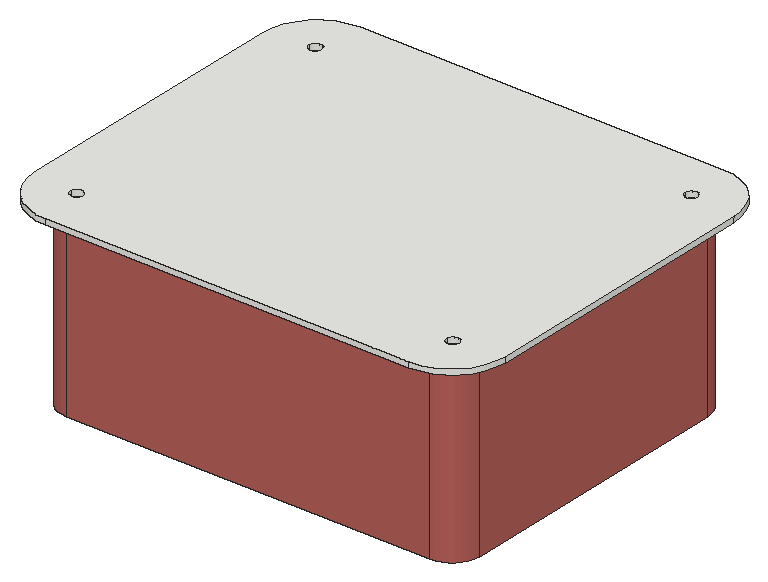
Revit family "Building-ContenitoriIncasso-GEWISS-48PT-CASSETTE-DERIVAZIONE_INCASSO", category Apparecchi elettrici, host Superficie, Revit 2016
Family settings
  Host = Superficie
  Mantenere orientamento annotazione = No
  Tipo di parte = Normale
  Quota connettore circolare = Usa diametro
  Numero OmniClass = 23.80.30.14.24
  Titolo OmniClass = Junction Boxes
  Taglio con vuoti quando caricato = No
  Condiviso = No
  Punto di calcolo locali = Sì
Parameters (values of type "GW48005 - CASSETTA DERIVAZIONE INCASSO 160X130X70")
  Voltaggio = 0 V
  Versione file RFA = "18.0"
  VISTA DI PIANTA [instance] = yes
  URL = "https://www.gewiss.com/it/it"
  Tipo Materiale = "Halogen free secondo norma EN 60754-2"
  Termopressione con biglia = "70 °C"
  Temperatura di impiego = "-15 +60 °C"
  Scheda Tecnica = "https://www.gewiss.com/it/it/search?q=GW48005"
  SIMBOLO [instance] = yes
  SEO = "Cassetta"
  Resistenza agli urti = "IK07"
  Produttore = "GEWISS S.p.A."
  Predisposizione scomparti = "1"
  Per Pareti = "Muratura"
  Modello = "GW48005"
  Installazione = "Incasso"
  Immagine tipo = gw48001.jpg
  Tappo = GEWISS - BIANCO RAL 9016
  Scatola = ROSSO RAL 3000
  IDT = "5db139ba-2d0a-47a6-a6ef-19bd08ad663c"
  IDF = "b1c4c15e-bfed-456a-93ff-6754771a6aad"
  Grado di protezione = "IP40"
  Glow Wire Test = "650°C"
  GEWISS SCHEDA TECNICA = "http://pro.gewiss.com/irj/portal/?NavigationTarget=pcd:portal_content/com.gewiss.ZPPFDMain/com.gewiss.ZPPFDITMain/com.gewiss.ZPPFDITMainDefault/com.gewiss.ZPPFDITPages/com.gewiss.ZPPFDITPagesAP/com.gewiss.ZPPFDITPagesAPCatalogo/com.gewiss.ZPPPDITAPProductDetail&codProd=GW48005"
  Default Elevation = 1219.2 mm
  Profondità = 70 mm
  Lunghezza = 160 mm
  Larghezza = 130 mm
  Distanza orizzontale del simbolo [instance] = 329.446 mm
  Distanza dal muro [instance] = 4.208 mm
  Dim. esterne BxHxP (mm) = "160x130x70"
  Descrizione = "CASSETTA DERIVAZIONE INCASSO 160X130X70"
  Creato da GEWISS S.p.A. = ""
  Colore coperchio = "Bianco RAL 9016"
  Codice Electrocod = "0220"
  Codice EAN = "8011564016422"
  Classificazione = Other
  Catalogo Serie = "48 PT"
  Catalogo = "BUILDING"
  Carico apparente = 0 VA
  CORNICE SIMBOLO [instance] = yes
  COBie.Tagnumber = ""
  COBie.CreatedOn = ""
  COBie.CreatebBy = ""
  COBie.ComponentRegisterItemID = ""
  COBie.Component.TagNumber = ""
  COBie.Component.Space = ""
  COBie.Component.SerialNumber = ""
  COBie.Component.InstallationDate = ""
  COBie.Component.Description = ""
  COBie.Component.BarCode = ""
  Bordo = 4 mm
Types (5, lengths in mm): name | Scheda Tecnica | Modello | IDT | GEWISS SCHEDA TECNICA | Profondità | Lunghezza | Larghezza | Dim. esterne BxHxP (mm) | Descrizione | Codice EAN
  GW48001 - CASSETTA DERIVAZIONE INCASSO 92X92X45 | "https://www.gewiss.com/it/it/search?q=GW48001" | "GW48001" | "5a06cdcc-e3bf-45dc-bed8-f625ed1c20df" | "http://pro.gewiss.com/irj/portal/?NavigationTarget=pcd:portal_content/com.gewiss.ZPPFDMain/com.gewiss.ZPPFDITMain/com.gewiss.ZPPFDITMainDefault/com.gewiss.ZPPFDITPages/com.gewiss.ZPPFDITPagesAP/com.gewiss.ZPPFDITPagesAPCatalogo/com.gewiss.ZPPPDITAPProductDetail&codProd=GW48001" | 45 | 92 | 92 | "92x92x45" | "CASSETTA DERIVAZIONE INCASSO 92X92X45" | "8011564016385"
  GW48002 - CASSETTA DERIVAZIONE INCASSO 118X96X50 | "https://www.gewiss.com/it/it/search?q=GW48002" | "GW48002" | "de690289-d37d-4a41-a99d-f4e485978f89" | "http://pro.gewiss.com/irj/portal/?NavigationTarget=pcd:portal_content/com.gewiss.ZPPFDMain/com.gewiss.ZPPFDITMain/com.gewiss.ZPPFDITMainDefault/com.gewiss.ZPPFDITPages/com.gewiss.ZPPFDITPagesAP/com.gewiss.ZPPFDITPagesAPCatalogo/com.gewiss.ZPPPDITAPProductDetail&codProd=GW48002" | 50 | 118 | 96 | "118x96x50" | "CASSETTA DERIVAZIONE INCASSO 118X96X50" | "8011564016392"
  GW48003 - CASSETTA DERIVAZIONE INCASSO 118X96X70 | "https://www.gewiss.com/it/it/search?q=GW48003" | "GW48003" | "cfc061ea-fc08-4341-8ad6-c24246c1af86" | "http://pro.gewiss.com/irj/portal/?NavigationTarget=pcd:portal_content/com.gewiss.ZPPFDMain/com.gewiss.ZPPFDITMain/com.gewiss.ZPPFDITMainDefault/com.gewiss.ZPPFDITPages/com.gewiss.ZPPFDITPagesAP/com.gewiss.ZPPFDITPagesAPCatalogo/com.gewiss.ZPPPDITAPProductDetail&codProd=GW48003" | 70 | 118 | 96 | "118x96x70" | "CASSETTA DERIVAZIONE INCASSO 118X96X70" | "8011564016408"
  GW48004 - CASSETTA DERIVAZIONE INCASSO 152X98X70 | "https://www.gewiss.com/it/it/search?q=GW48004" | "GW48004" | "8040a3c4-1d49-4fed-a40d-69a247de72a1" | "http://pro.gewiss.com/irj/portal/?NavigationTarget=pcd:portal_content/com.gewiss.ZPPFDMain/com.gewiss.ZPPFDITMain/com.gewiss.ZPPFDITMainDefault/com.gewiss.ZPPFDITPages/com.gewiss.ZPPFDITPagesAP/com.gewiss.ZPPFDITPagesAPCatalogo/com.gewiss.ZPPPDITAPProductDetail&codProd=GW48004" | 70 | 152 | 98 | "152x98x70" | "CASSETTA DERIVAZIONE INCASSO 152X98X70" | "8011564016415"
  GW48005 - CASSETTA DERIVAZIONE INCASSO 160X130X70 | "https://www.gewiss.com/it/it/search?q=GW48005" | "GW48005" | "5db139ba-2d0a-47a6-a6ef-19bd08ad663c" | "http://pro.gewiss.com/irj/portal/?NavigationTarget=pcd:portal_content/com.gewiss.ZPPFDMain/com.gewiss.ZPPFDITMain/com.gewiss.ZPPFDITMainDefault/com.gewiss.ZPPFDITPages/com.gewiss.ZPPFDITPagesAP/com.gewiss.ZPPFDITPagesAPCatalogo/com.gewiss.ZPPPDITAPProductDetail&codProd=GW48005" | 70 | 160 | 130 | "160x130x70" | "CASSETTA DERIVAZIONE INCASSO 160X130X70" | "8011564016422"
Reference planes
  plane 1 "Centro (Fronte/Retro)": y = 0
  plane 2: z = 0
  plane 3 "Centro (Sinistra/Destra)": x = 0
  plane 4: x = -80
  plane 5: y = -65
  plane 6: x = 80
  plane 7: y = 65
  plane 8: y = 62.823
  plane 9: x = 77.823
  plane 10: y = -62.823
  plane 11: x = -77.823
  plane 12: z = -70
  plane 13: y = 57
  plane 14: y = -57
  plane 15: x = -71.947
  plane 16: x = 71.947
  plane 17: x = -90
  plane 18: y = -75
  plane 19: x = 90
  plane 20: y = 75
  plane 21: z = 2
  plane 22: x = -329.446
Forms (mm)
  Extrusion 1, void
    sketch origin (0, 0, 0) x (1, 0, 0) y (0, 1, 0)
      loop
        line (-80, 54.5) -> (-80, -54.5)
        arc (-80, -54.5) -> (-76.925, -61.925) -> (-69.5, -65) r 10.5
        line (-69.5, -65) -> (69.5, -65)
        arc (69.5, -65) -> (76.925, -61.925) -> (80, -54.5) r 10.5
        line (80, -54.5) -> (80, 54.5)
        arc (80, 54.5) -> (76.925, 61.925) -> (69.5, 65) r 10.5
        line (69.5, 65) -> (-69.5, 65)
        arc (-69.5, 65) -> (-76.925, 61.925) -> (-80, 54.5) r 10.5
    from -70 to 0
  Extrusion 2, solid, material "ROSSO RAL 3000" <- "Scatola"
    sketch origin (0, 0, 0) x (1, 0, 0) y (0, 1, 0)
      loop
        arc (-69.5, 65) -> (-76.925, 61.925) -> (-80, 54.5) r 10.5
        line (-80, 54.5) -> (-80, -54.5)
        arc (-80, -54.5) -> (-76.925, -61.925) -> (-69.5, -65) r 10.5
        line (-69.5, -65) -> (69.5, -65)
        arc (69.5, -65) -> (76.925, -61.925) -> (80, -54.5) r 10.5
        line (80, -54.5) -> (80, 54.5)
        arc (80, 54.5) -> (76.925, 61.925) -> (69.5, 65) r 10.5
        line (69.5, 65) -> (-69.5, 65)
      loop
        arc (-69.5, 62.823) -> (-75.386, 60.386) -> (-77.823, 54.5) r 8.323
        line (-77.823, 54.5) -> (-77.823, -54.5)
        arc (-77.823, -54.5) -> (-75.386, -60.386) -> (-69.5, -62.823) r 8.323
        line (-69.5, -62.823) -> (69.5, -62.823)
        arc (69.5, -62.823) -> (75.386, -60.386) -> (77.823, -54.5) r 8.323
        line (77.823, -54.5) -> (77.823, 54.5)
        arc (77.823, 54.5) -> (75.386, 60.386) -> (69.5, 62.823) r 8.323
        line (69.5, 62.823) -> (-69.5, 62.823)
    from -70 to 0
  Extrusion 3, solid
    sketch origin (0, 0, 0) x (1, 0, 0) y (0, 1, 0)
      loop
        line (-77.823, 51.384) -> (-74.592, 51.384)
        arc (-74.592, 51.384) -> (-69.664, 54.157) -> (-66.596, 58.907) r 11.782
        line (-66.596, 58.907) -> (-66.596, 62.823) -> (-69.5, 62.823)
        arc (-69.5, 62.823) -> (-75.386, 60.386) -> (-77.823, 54.5) r 8.323
        line (-77.823, 54.5) -> (-77.823, 51.384)
      loop
        line (77.823, 51.384) -> (77.823, 54.5)
        arc (77.823, 54.5) -> (75.386, 60.386) -> (69.5, 62.823) r 8.323
        line (69.5, 62.823) -> (66.596, 62.823) -> (66.596, 58.907)
        arc (66.596, 58.907) -> (69.664, 54.157) -> (74.592, 51.384) r 11.782
        line (74.592, 51.384) -> (77.823, 51.384)
      loop
        line (-77.823, -51.384) -> (-77.823, -54.5)
        arc (-77.823, -54.5) -> (-75.386, -60.386) -> (-69.5, -62.823) r 8.323
        line (-69.5, -62.823) -> (-66.596, -62.823) -> (-66.596, -58.907)
        arc (-66.596, -58.907) -> (-69.664, -54.157) -> (-74.592, -51.384) r 11.782
        line (-74.592, -51.384) -> (-77.823, -51.384)
      loop
        line (77.823, -51.384) -> (74.592, -51.384)
        arc (74.592, -51.384) -> (69.664, -54.157) -> (66.596, -58.907) r 11.782
        line (66.596, -58.907) -> (66.596, -62.823) -> (69.5, -62.823)
        arc (69.5, -62.823) -> (75.386, -60.386) -> (77.823, -54.5) r 8.323
        line (77.823, -54.5) -> (77.823, -51.384)
    from -2.208 to 0
  Extrusion 4, void
    sketch origin (0, 0, 0) x (1, 0, 0) y (0, 1, 0)
      loop
        circle (-71.947, 57) r 2.408
      loop
        circle (71.947, 57) r 2.408
      loop
        circle (-71.947, -57) r 2.408
      loop
        circle (71.947, -57) r 2.408
    from -2.208 to 2
  Extrusion 5, solid, material "GEWISS - BIANCO RAL 9016" <- "Tappo"
    sketch origin (0, 0, 0) x (1, 0, 0) y (0, 1, 0)
      loop
        arc (-69.5, 75) -> (-83.996, 68.996) -> (-90, 54.5) r 20.5
        line (-90, 54.5) -> (-90, -54.5)
        arc (-90, -54.5) -> (-83.996, -68.996) -> (-69.5, -75) r 20.5
        line (-69.5, -75) -> (69.5, -75)
        arc (69.5, -75) -> (83.996, -68.996) -> (90, -54.5) r 20.5
        line (90, -54.5) -> (90, 54.5)
        arc (90, 54.5) -> (83.996, 68.996) -> (69.5, 75) r 20.5
        line (69.5, 75) -> (-69.5, 75)
    from 0 to 2
Cuts and joins
  Extrusion 4 cuts Extrusion 5
Lines and regions (mm)
  Masking region 1, visible <- "VISTA DI PIANTA"
    outline origin (0, 0, 0) x (1, 0, 0) y (0, 0, 1)
      loop
        line (-80, -70) -> (80, -70) -> (80, 0) -> (-80, 0) -> (-80, -70)
  Masking region 2, visible <- "VISTA DI PIANTA"
    outline origin (0, 0, 0) x (1, 0, 0) y (0, 0, 1)
      loop
        line (-90, 0) -> (90, 0) -> (90, 2) -> (-90, 2) -> (-90, 0)
  Masking region 3
    outline origin (0, 0, 0) x (0, 1, 0) y (0, 0, 1)
      loop
        line (-65, -70) -> (65, -70) -> (65, 0) -> (-65, 0) -> (-65, -70)
  Masking region 4
    outline origin (0, 0, 0) x (0, 1, 0) y (0, 0, 1)
      loop
        line (-75, 0) -> (75, 0) -> (75, 2) -> (-75, 2) -> (-75, 0)
  model lines
    curve 1: line (69.5, 65, 0) -> (-69.5, 65, 0)
    curve 2: arc (-69.5, 65, 0) -> (-76.925, 61.925, 0) -> (-80, 54.5, 0) r 10.5
    curve 3: line (-80, 54.5, 0) -> (-80, -54.5, 0)
    curve 4: arc (-80, -54.5, 0) -> (-76.925, -61.925, 0) -> (-69.5, -65, 0) r 10.5
    curve 5: line (-69.5, -65, 0) -> (69.5, -65, 0)
    curve 6: arc (69.5, -65, 0) -> (76.925, -61.925, 0) -> (80, -54.5, 0) r 10.5
    curve 7: line (80, -54.5, 0) -> (80, 54.5, 0)
    curve 8: arc (80, 54.5, 0) -> (76.925, 61.925, 0) -> (69.5, 65, 0) r 10.5
Dimensions and locks
  equal spacing: plane 7, plane 1 "Centro (Fronte/Retro)", plane 5
  equal spacing: plane 4, plane 3 "Centro (Sinistra/Destra)", plane 6
  "Lunghezza": plane 4 to plane 6
  "Larghezza": plane 7 to plane 5
  plane 4 to plane 11 = 2.177 mm  (x2)
  plane 9 to plane 6 = 2.177 mm  (x2)
  plane 10 to plane 5 = 2.177 mm
  plane 7 to plane 8 = 2.177 mm
  "Profondità": plane 2 to plane 12
  locked: plane 11 to plane 15 at 5.876
  locked: plane 7 to plane 13 at 8
  locked: plane 14 to plane 5 at 8
  locked: plane 16 to plane 6 at 8.053
  locked: plane 2 to Extrusion 3 at 2.208
  locked: plane 20 to plane 7 at 10
  locked: plane 17 to plane 4 at 10
  locked: plane 5 to plane 18 at 10
  locked: plane 6 to plane 19 at 10
  plane 21 to plane 2 = 2 mm
  "Distanza orizzontale del simbolo": plane 22 to plane 3 "Centro (Sinistra/Destra)"
  aligned and locked: plane 2 to host face
  aligned and locked: level to host face
  aligned and locked: Extrusion 1 sketch curve to plane 4
  aligned and locked: Extrusion 1 sketch curve to plane 7
  aligned and locked: Extrusion 1 sketch curve to plane 6
  aligned and locked: Extrusion 1 sketch curve to plane 5
  aligned and locked: Extrusion 1 to plane 12
  aligned and locked: plane 2 to Extrusion 1
  aligned and locked: Extrusion 2 sketch curve to plane 4
  aligned and locked: Extrusion 2 sketch curve to plane 11
  aligned and locked: Extrusion 2 sketch curve to plane 10
  aligned and locked: Extrusion 2 sketch curve to plane 5
  aligned and locked: Extrusion 2 sketch curve to plane 6
  aligned and locked: Extrusion 2 sketch curve to plane 9
  aligned and locked: Extrusion 2 sketch curve to plane 8
  aligned and locked: Extrusion 2 sketch curve to plane 7
  aligned and locked: Extrusion 2 to plane 12
  aligned and locked: plane 2 to Extrusion 2
  aligned and locked: plane 11 to Extrusion 3 sketch curve
  aligned and locked: Extrusion 3 sketch curve to plane 8
  aligned and locked: Extrusion 3 sketch curve to plane 10
  aligned and locked: plane 10 to Extrusion 3 sketch curve
  aligned and locked: Extrusion 3 sketch curve to plane 9
  aligned and locked: plane 8 to Extrusion 3 sketch curve
  aligned and locked: plane 9 to Extrusion 3 sketch curve
  aligned and locked: Extrusion 3 sketch curve to plane 11
  aligned and locked: plane 2 to Extrusion 3
  aligned and locked: plane 15 to Extrusion 4 sketch curve  (x2)
  aligned and locked: plane 13 to Extrusion 4 sketch curve  (x2)
  aligned and locked: plane 16 to Extrusion 4 sketch curve  (x2)
  aligned and locked: plane 14 to Extrusion 4 sketch curve
  aligned and locked: Extrusion 4 sketch curve to plane 14
  aligned and locked: Extrusion 3 to Extrusion 4
  aligned and locked: plane 19 to Extrusion 5 sketch curve
  aligned and locked: Extrusion 5 sketch curve to plane 18
  aligned and locked: plane 17 to Extrusion 5 sketch curve
  aligned and locked: Extrusion 5 sketch curve to plane 20
  aligned and locked: plane 21 to Extrusion 5
  aligned and locked: plane 21 to Extrusion 4
  aligned and locked: curve 1 to Extrusion 2
  aligned and locked: curve 3 to Extrusion 2
  aligned and locked: curve 5 to Extrusion 2
  aligned and locked: curve 7 to Extrusion 2
  aligned and locked: plane 22 to nested 1
  aligned and locked: Masking region 1 sketch curve to Extrusion 2  (x4)
  aligned and locked: Masking region 2 sketch curve to cut or joined group of Extrusion 4, Extrusion 5  (x4)
  aligned and locked: Masking region 3 sketch curve to Extrusion 2  (x4)
  aligned and locked: Masking region 4 sketch curve to cut or joined group of Extrusion 4, Extrusion 5  (x4)
Automatic sketch dimensions
  host sketch curve to host sketch curve = 2438.4 mm  (x2)
  Extrusion 1 sketch curve to Extrusion 1 sketch curve = 0 mm  (x3)
  plane 11 to Extrusion 1 sketch curve = 8.323 mm
  Extrusion 2 sketch curve to Extrusion 2 sketch curve = 0 mm  (x13)
  Extrusion 2 sketch curve to plane 9 = 0 mm
  plane 10 to Extrusion 2 sketch curve = 0 mm
  plane 5 to Extrusion 2 sketch curve = 10.5 mm  (x2)
  Extrusion 2 sketch curve to plane 7 = 10.5 mm  (x2)
  plane 4 to Extrusion 2 sketch curve = 10.5 mm
  plane 11 to Extrusion 2 sketch curve = 8.323 mm
  Extrusion 2 sketch curve to plane 6 = 10.5 mm
  plane 11 to Extrusion 2 sketch curve = 0 mm  (x2)
  plane 11 to Extrusion 3 sketch curve = 0.085 mm  (x2)
  Extrusion 3 sketch curve to plane 15 = 2.645 mm  (x2)
  plane 15 to Extrusion 3 sketch curve = 2.447 mm  (x2)
  Extrusion 3 sketch curve to Extrusion 3 sketch curve = 2.904 mm  (x2)
  plane 16 to Extrusion 3 sketch curve = 5.351 mm  (x2)
  plane 16 to Extrusion 3 sketch curve = 2.447 mm  (x2)
  Extrusion 3 sketch curve to plane 16 = 2.645 mm  (x2)
  Extrusion 3 sketch curve to plane 9 = 0.085 mm  (x2)
  plane 10 to Extrusion 3 sketch curve = 0.085 mm  (x2)
  plane 14 to Extrusion 3 sketch curve = 1.907 mm  (x2)
  Extrusion 3 sketch curve to plane 14 = 2.5 mm  (x2)
  Extrusion 3 sketch curve to plane 13 = 5.616 mm  (x2)
  Extrusion 3 sketch curve to plane 13 = 2.5 mm  (x2)
  plane 13 to Extrusion 3 sketch curve = 1.907 mm  (x2)
  plane 11 to Extrusion 3 sketch curve = 0 mm
  Extrusion 3 sketch curve to Extrusion 3 sketch curve = 0 mm  (x11)
  plane 15 to Extrusion 5 sketch curve = 2.447 mm  (x2)
  plane 16 to Extrusion 5 sketch curve = 2.447 mm  (x2)
  plane 15 to curve 1 = 2.447 mm
  plane 16 to curve 1 = 2.447 mm
  curve 3 to plane 14 = 2.5 mm
  plane 16 to curve 5 = 2.447 mm
  radius of Extrusion 4 sketch curve = 2.408 mm  (x4)
Nested families
  nested 1: "CASSDERIVAZINC" at (-329.446, 124.167, 0), Distanza dal muro <- "Distanza dal muro", BORDO ACCESO <- "CORNICE SIMBOLO", SIMBOLO ACCESO <- "SIMBOLO", type "CASSETTAINC"
    with SIMBOLO ACCESO yes, Distanza dal muro 4.208 mm, BORDO ACCESO yes
Connectors
  electrical at (0, 0, -70), driven by "Voltaggio", driven by "Classificazione", driven by "Carico apparente"
    settings: on host face, index 1, voltage 0 V, apparent load 0 VA, apparent load phase1 0 VA, apparent load phase2 0 VA, apparent load phase3 0 VA, power factor 1, load classification "Other", number of poles 1, system type 31, power factor state 1, is connector primary yes, connector utility no, sub classification motor no, connector description ""
Definition of nested family "CASSDERIVAZINC"
  Parameters (values of type "CASSETTAINC")
    SIMBOLO ACCESO [instance] = yes
    Distanza dal muro [instance] = 4.208 mm
    BORDO ACCESO [instance] = yes
  Reference planes
    plane 1: y = 0
    plane 2: x = 0
  Dimensions and locks
    "Distanza dal muro": plane 1 to nested 1
    aligned and locked: plane 2 to nested 1
  Nested families
    nested 1: "CASSDERIVAZINC_BASE" at (0, 4.208, 0), BORDO ACCESO <- "BORDO ACCESO", SIMBOLO ACCESO <- "SIMBOLO ACCESO", type "CASSETTAINC"
      with BORDO ACCESO yes
  Definition of nested family "CASSDERIVAZINC_BASE"
    Parameters (values of type "CASSETTAINC")
      SIMBOLO ACCESO [instance] = yes
      Distanza dal muro = 4.208 mm
      BORDO ACCESO [instance] = yes
    Reference planes
      plane 1: y = 0
      plane 2: x = 0
    Lines and regions (mm)
      detail lines, visible <- "BORDO ACCESO"
        curve 1: line (-1, 2.5, 0) -> (1, 2.5, 0)
        curve 2: line (1, 2.5, 0) -> (1, 0, 0)
        curve 3: line (1, 0, 0) -> (-1, 0, 0)
        curve 4: line (-1, 0, 0) -> (-1, 2.5, 0)
        curve 5: line (-0.9, 2.4, 0) -> (0.9, 2.4, 0)
        curve 6: line (0.9, 2.4, 0) -> (0.9, 0.1, 0)
        curve 7: line (0.9, 0.1, 0) -> (-0.9, 0.1, 0)
        curve 8: line (-0.9, 0.1, 0) -> (-0.9, 2.4, 0)
      detail lines, visible <- "BORDO ACCESO", not visible
        curve 9: line (-2.443, 10.208, 0) -> (2.057, 10.208, 0)
        curve 10: line (2.057, 10.208, 0) -> (2.057, 4.208, 0)
        curve 11: line (2.057, 4.208, 0) -> (-2.443, 4.208, 0)
        curve 12: line (-2.443, 4.208, 0) -> (-2.443, 10.208, 0)
        curve 13: line (-2.043, 9.808, 0) -> (1.657, 9.808, 0)
        curve 14: line (1.657, 9.808, 0) -> (1.657, 4.608, 0)
        curve 15: line (1.657, 4.608, 0) -> (-2.043, 4.608, 0)
        curve 16: line (-2.043, 4.608, 0) -> (-2.043, 9.808, 0)
      detail lines, visible <- "SIMBOLO ACCESO"
        curve 17: circle (0, 1.25, 0) r 0.1 normal (0, 0, 1)
        curve 18: circle (0, 1.25, 0) r 0.809 normal (0, 0, 1)
    Dimensions and locks
      aligned and locked: curve 3 to plane 1
